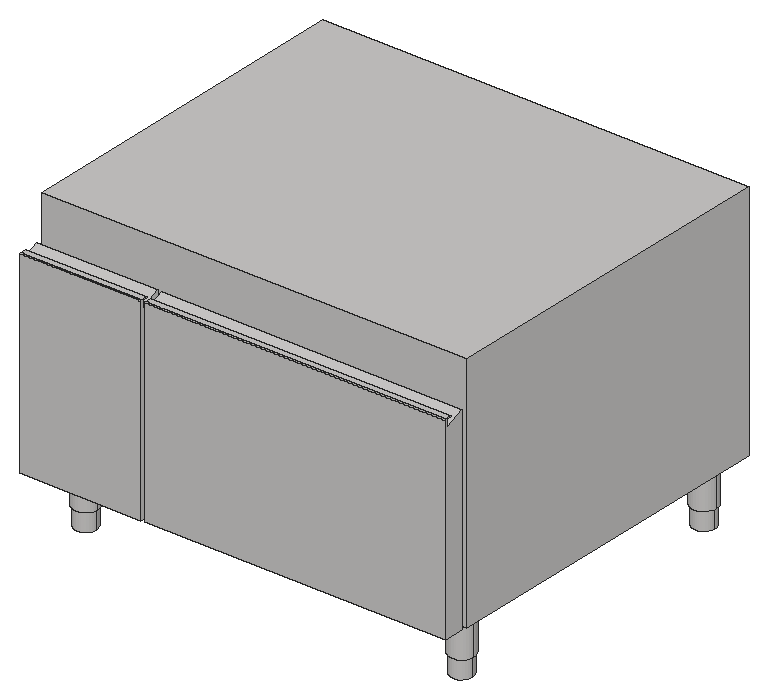
Revit family "QF_ZANUSSI_922616_CUBATR61021", category Specialty Equipment, Revit 2018
Family settings
  Round Connector Dimension = Use Diameter
  Part Type = Normal
  Work Plane-Based = No
  Always vertical = Yes
  Cut with Voids When Loaded = No
  Shared = No
  Room Calculation Point = No
Parameters
  Weight = 0.00 kg
  Watts = 0 W
  Volts = 0 V
  URL Manufacturer = "http://www.zanussiprofessional.com"
  URL = "http://www.zanussiprofessional.com"
  Steam Supply Size = 0 mm
  Steam Supply Minimum Pressure = 0.0 Pa
  Steam Supply Maximum Pressure = 0.0 Pa
  Steam Pounds per Hour = 0
  Show Clearance [instance] = yes
  Refrigeration Suction Line Size = 0 mm
  Refrigeration Liquid Line Size = 0 mm
  Refrigerant Compressor Remote = yes
  Manufacturer = "Zanussi"
  Phase = 0
  Model = "CUBATR61021"
  Length Actual = 1090 mm  # constant formula
  Item Number = "922616"
  Hot Water Size = 0 mm
  Height Actual = 764 mm  # constant formula
  HP = "0 HP"
  Gas Size = 0 mm
  Gas KW = 0
  Gas Input Pressure = 0 W
  Direct Waste Size = 0 mm
  Description = "CUPBOARD BASE WITH TRAY SUPPORT FOR 6&10 GN 2/1 OVEN"
  Depth Actual = 971 mm  # constant formula
  Cycle = 0 Hz
  Condensate Return Size = 0 mm
  Compressed Air Volume = 0.0 L/s
  Compressed Air Size = 0 mm
  Compressed Air Pressure = 0.0 Pa
  Cold Water Size = 0 mm
  Accessory = yes
Reference planes
  plane 1 "Center X": y = 190.351
  plane 2: z = 0
  plane 3 "Center Y": x = -215
  plane 4 "LEFT": x = -760
  plane 5 "BACK": y = 675.851
  plane 6 "RIGHT": x = 330
  plane 7 "FRONT": y = -295.149
  plane 8: z = 770
  plane 9: z = 670
  plane 10: x = -697
  plane 11: y = 612.851
  plane 12: x = 267
  plane 13: y = -164.149
  plane 14: z = 152
Forms (mm)
  Extrusion 1, solid, material "QF_Finishes_Stainless Steel"
    sketch origin (-326.5, 0, 0) x (0, 1, 0) y (0, 0, 1)
      loop
        line (675.851, 152) -> (675.851, 770) -> (-227.149, 770) -> (-227.149, 152) -> (675.851, 152)
    from -433.5 to 656.5
  Extrusion 2, solid, material "QF_Finishes_Stainless Steel"
    sketch origin (-760, 0, 0) x (0, 1, 0) y (0, 0, 1)
      loop
        line (-242.149, 661.515) -> (-290.57, 640.907) -> (-290.57, 659.989) -> (-278.359, 659.989) -> (-278.359, 661.515) -> (-293.125, 661.515)
        arc (-293.125, 661.515) -> (-294.556, 660.922) -> (-295.149, 659.491) r 2.025
        line (-295.149, 659.491) -> (-295.149, 155.053) -> (-242.149, 155.053) -> (-242.149, 661.515)
    from 0 to 310
  Extrusion 3, solid, material "QF_Finishes_Stainless Steel"
    sketch origin (107, 0, 0) x (0, 1, 0) y (0, 0, 1)
      loop
        line (-242.149, 661.515) -> (-290.57, 640.907) -> (-290.57, 659.989) -> (-278.359, 659.989) -> (-278.359, 661.515) -> (-293.125, 661.515)
        arc (-293.125, 661.515) -> (-294.556, 660.922) -> (-295.149, 659.491) r 2.025
        line (-295.149, 659.491) -> (-295.149, 155.053) -> (-242.149, 155.053) -> (-242.149, 661.515)
    from 223 to -547
  Extrusion 4, solid, material "QF_Door-Drawer Clearances", detail levels coarse
    sketch origin (107, -293.012, 155.053) x (1, 0, 0) y (0, -1, 0)
      loop
        line (-547, 2.137) -> (223, 2.137) -> (223, 736.137)
        arc (223, 736.137) -> (-308.897, 523.238) -> (-547, 2.137) r 770.883
      loop
        line (-867, 2.137) -> (-557, 2.137)
        arc (-557, 2.137) -> (-647.797, 221.34) -> (-867, 312.137) r 310
        line (-867, 312.137) -> (-867, 2.137)
    from 0 to -506.462
Lines and regions (mm)
  symbolic lines, style "SpecialityEquipmentHiddenLines"
    curve 1: line (-760, 675.851, 1478) -> (330, 675.851, 1478)
    curve 2: line (-760, -295.149, 1478) -> (-760, 675.851, 1478)
    curve 3: line (330, -295.149, 1478) -> (-760, -295.149, 1478)
    curve 4: line (330, 675.851, 1478) -> (330, -295.149, 1478)
  symbolic lines, style "QF_Door-Drawer Clearances", visible <- "Show Clearance"
    curve 5: arc (-450, -295.149, 1478) -> (-540.797, -514.352, 1478) -> (-760, -605.149, 1478) r 310
    curve 6: line (-760, -295.149, 1478) -> (-760, -605.149, 1478)
    curve 7: arc (330, -1029.149, 1478) -> (-201.897, -816.25, 1478) -> (-440, -295.149, 1478) r 770.883
    curve 8: line (330, -1029.149, 1478) -> (330, -295.149, 1478)
Dimensions and locks
  equal spacing: plane 4 "LEFT", plane 3 "Center Y", plane 6 "RIGHT"
  plane 4 "LEFT" to plane 6 "RIGHT" = 1090 mm
  plane 5 "BACK" to plane 7 "FRONT" = 971 mm
  equal spacing: plane 5 "BACK", plane 1 "Center X", plane 7 "FRONT"
  aligned and locked: level to plane 2
Automatic sketch dimensions
  Extrusion 1 sketch curve to plane 14 = 0 mm
  Extrusion 1 sketch curve to plane 8 = 0 mm
  Extrusion 1 sketch curve to plane 5 "BACK" = 0 mm
  Extrusion 1 sketch curve to plane 13 = 63 mm
  curve 1 to plane 5 "BACK" = 0 mm
  curve 1 to plane 6 "RIGHT" = 0 mm
  curve 3 to plane 4 "LEFT" = 0 mm
  curve 3 to plane 7 "FRONT" = 0 mm
  Extrusion 3 sketch curve to plane 7 "FRONT" = 0 mm
  plane 7 "FRONT" to Extrusion 3 sketch curve = 2.025 mm
  plane 7 "FRONT" to Extrusion 3 sketch curve = 4.579 mm
  Extrusion 3 sketch curve to Extrusion 3 sketch curve = 12.211 mm
  plane 14 to Extrusion 3 sketch curve = 3.053 mm
  Extrusion 3 sketch curve to Extrusion 3 sketch curve = 53 mm
  Extrusion 3 sketch curve to plane 9 = 29.093 mm
  Extrusion 3 sketch curve to plane 9 = 10.509 mm
  Extrusion 3 sketch curve to Extrusion 3 sketch curve = 0.498 mm
  Extrusion 3 sketch curve to plane 9 = 8.485 mm
  Extrusion 2 sketch curve to plane 7 "FRONT" = 0 mm
  plane 7 "FRONT" to Extrusion 2 sketch curve = 2.025 mm
  plane 7 "FRONT" to Extrusion 2 sketch curve = 4.579 mm
  Extrusion 2 sketch curve to Extrusion 2 sketch curve = 12.211 mm
  plane 14 to Extrusion 2 sketch curve = 3.053 mm
  plane 7 "FRONT" to Extrusion 2 sketch curve = 53 mm
  Extrusion 2 sketch curve to plane 9 = 29.093 mm
  Extrusion 2 sketch curve to plane 9 = 10.509 mm
  Extrusion 2 sketch curve to Extrusion 2 sketch curve = 0.498 mm
  Extrusion 2 sketch curve to plane 9 = 8.485 mm
  Extrusion 4 sketch curve to Extrusion 3 = 0 mm  (x4)
  Extrusion 3 to Extrusion 4 sketch curve = 320 mm
  Extrusion 3 to Extrusion 4 sketch curve = 734 mm
  Extrusion 3 to Extrusion 4 sketch curve = 10 mm
  curve 7 to plane 6 "RIGHT" = 0 mm
  curve 7 to plane 7 "FRONT" = 0 mm
  curve 5 to plane 4 "LEFT" = 0 mm
  curve 8 to plane 7 "FRONT" = 0 mm
  curve 6 to plane 7 "FRONT" = 0 mm
  curve 5 to curve 6 = 0 mm
  curve 7 to curve 8 = 36.883 mm
  curve 6 to plane 7 "FRONT" = 310 mm
  curve 8 to plane 7 "FRONT" = 734 mm
Nested families
  nested 1: "Foot_Adjustable" at (-697, 612.851, 0), type "Foot_Adjustable"
    with Ø2 28 mm, Ø1 32 mm, Ht 152 mm, H1 48 mm
  nested 2: "Foot_Adjustable" at (267, 612.851, 0), type "Foot_Adjustable"
    with Ø2 28 mm, Ø1 32 mm, Ht 152 mm, H1 48 mm
  nested 3: "Foot_Adjustable" at (267, -164.149, 0), type "Foot_Adjustable"
    with Ø2 28 mm, Ø1 32 mm, Ht 152 mm, H1 48 mm
  nested 4: "Foot_Adjustable" at (-697, -164.149, 0), type "Foot_Adjustable"
    with Ø2 28 mm, Ø1 32 mm, Ht 152 mm, H1 48 mm
Definition of nested family "Foot_Adjustable"
  Parameters
    Ø2 [instance] = 25 mm
    Ø1 [instance] = 29 mm
    H1 [instance] = 48 mm
    Ht [instance] = 150 mm
  Reference planes
    plane 1 "Centro (Fronte/Retro)": y = 0
    plane 2: z = 0
    plane 3 "Centro (Sinistra/Destra)": x = 0
    plane 4: z = 150
  Forms (mm)
    Revolve 1, solid
      sketch origin (255.05, 0, 608.09) x (0, 0, 1) y (-1, 0, 0)
        loop
          line (-608.09, 255.05) -> (-608.09, 230.05) -> (-560.09, 230.05) -> (-560.09, 226.05) -> (-458.09, 226.05) -> (-458.09, 255.05) -> (-608.09, 255.05)
        axis (-608.09, 255.05) -> (-458.09, 255.05)
      angle from 0 to 360
  Dimensions and locks
    "H1": level to Revolve 1 sketch curve
    "Ht": plane 4 to level
    "Ø2": Revolve 1 sketch curve to Revolve 1 sketch curve
    "Ø1": Revolve 1 sketch curve to Revolve 1 sketch curve
    aligned and locked: level to plane 2
    aligned and locked: plane 4 to Revolve 1 sketch curve
    aligned and locked: Revolve 1 sketch curve to level
    aligned and locked: plane 3 "Centro (Sinistra/Destra)" to Revolve 1 sketch curve
  Automatic sketch dimensions
    Revolve 1 sketch curve to plane 3 "Centro (Sinistra/Destra)" = 0 mm
    plane 4 to Revolve 1 sketch curve = 50 mm
    Revolve 1 sketch curve to Revolve 1 sketch curve = 20 mm
